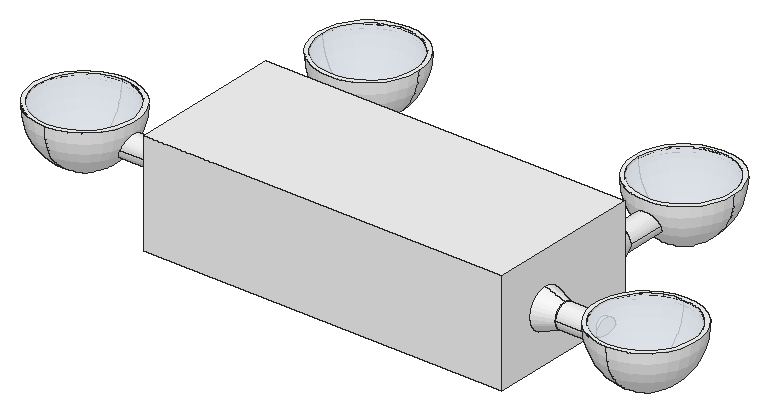
Revit family "LM", category Lighting Fixtures, host Face, Revit 2021
Family settings
  Host = Face
  Round Connector Dimension = Use Diameter
  Part Type = Normal
  OmniClass Number = 23.80.70.11.21
  OmniClass Title = Emergency Lighting
  Cut with Voids When Loaded = No
  Light Source = No
  Shared = No
  Room Calculation Point = No
Parameters (values of type "LM 1")
  zz Angle 1 [instance] = if(Rotation Angle < 45.00°, 45.00°, if(Rotation Angle > 135.00°, 135.00°, Rotation Angle))  # 90.00°
  Wattage Comments = "130W"
  Watt = 130 W
  Voltage = 120 V
  URL = "https://www.currentlighting.com/dual-lite"
  Product Page URL = ""
  Product Documentation Link = ""
  Power factor = 1
  Model = "LM"  # constant formula
  Manufacturer = "Dual-Lite Lighting"  # constant formula
  Load Classification = Lighting
  Lens = Glass
  Lamp = "LED Lamp"  # constant formula
  Housing = LM Housing : LM Housing1
  Height = 5.750"
  LAMP Height = 4.000"
  Finish = White
  Width = 13.500"
  Description = "Emergency Light, Steel Housing"  # constant formula
  Depth = 3.875"
  Default Elevation = 48.000"
  Assembly Code = ""
  Apparent Load = 2.7 VA  # constant formula
  Rotation Angle [instance] = 90.00°
  277 Voltage = not([120 Voltage])  # no
  120 Voltage = yes
Types (2): name | Housing | LAMP Height
  LM 1 | LM Housing : LM Housing1 | 4.000"
  LM 2 | LM Housing : LM Housing 2 | 2.000"
Reference planes (in)
  plane 1 "Center (Front/Back)": y = 0
  plane 2: z = 0
  plane 3 "Center (Left/Right)": x = 0
  plane 4: y = 5.75
  plane 5: y = -5.75
  plane 6: z = 3.875
  plane 7: x = 2
  plane 8: x = -5.9375
  plane 9: z = 1.9375
  plane 10: x = -6.75
  plane 11: x = 6.75
  plane 12: x = 5.9375
  plane 13: x = -7.875
  plane 14: x = 7.875
  plane 15: y = -3.75
  plane 16: y = -7.75
Dimensions and locks (in)
  locked: plane 4 to plane 1 "Center (Front/Back)" at 5.75
  plane 6 to plane 2 = 3.875"
  equal spacing: plane 6, plane 9, level
  equal spacing: plane 10, plane 3 "Center (Left/Right)", plane 11
  "Height": plane 5 to plane 1 "Center (Front/Back)"
  "Depth": plane 6 to host face
  "LAMP Height": plane 15 to plane 16
  "zz Angle 1": angle nested 1 to plane 8
  "zz Angle 1": angle nested 2 to plane 9
  aligned and locked: plane 2 to host face
  aligned and locked: level to host face
  aligned and locked: plane 9 to nested 1
  aligned and locked: plane 8 to nested 1
  aligned and locked: plane 9 to nested 2
  aligned and locked: plane 3 "Center (Left/Right)" to nested 5
  aligned and locked: nested 5 to plane 1 "Center (Front/Back)"
  aligned and locked: plane 15 to nested 4
  aligned and locked: nested 3 to plane 15
  aligned and locked: plane 9 to nested 3
  aligned and locked: plane 9 to nested 4
Automatic sketch dimensions
  host sketch curve to host sketch curve = 96.000"  (x2)
Nested families (in)
  nested 1: "LM Retrofit" at (-5.9375, 0, 1.9375) x (1, 0, 0) z (0, 1, 0), type "LM Retrofit"
    with zz Length 1 1.000", Single Face no, Double Face yes
  nested 2: "LM Retrofit" at (5.9375, 0, 1.9375) x (1, 0, 0) z (0, 1, 0), type "LM Retrofit"
    with zz Length 1 1.000", Single Face no, Double Face yes
  nested 3: "LM Retrofit" at (6.75, -3.75, 1.9375) x (0, -1, 0) z (1, 0, 0), type "LM Retrofit"
    with zz Length 1 1.000", Single Face no, Double Face yes
  nested 4: "LM Retrofit" at (-6.75, -3.75, 1.9375) x (0, 1, 0) z (-1, 0, 0), type "LM Retrofit"
    with zz Length 1 1.000", Single Face no, Double Face yes
  nested 5: "LM Housing" at (0, -2.875, 0), type <- "Housing", type "LM Housing1"
    with zz Length 1 1.000", Single Face no, Double Face yes, Width 13.500", Height 5.750", Depth 3.875"
Connectors (in)
  electrical at (0, -2.875, 0), driven by "Voltage", driven by "Apparent Load"
    settings: on nested 5, index 1, voltage 120 V, apparent load 2.7 VA, apparent load phase1 0 VA, apparent load phase2 0 VA, apparent load phase3 0 VA, power factor 1, load classification "Other", number of poles 1, system type 30, power factor state 1, is connector primary yes, connector utility no, sub classification motor no, connector description "Lighting Connector"
Definition of nested family "LM Retrofit"
  Parameters
    zz Length 1 [instance] = if(Single Face, 0.850", 1.000")  # 1.000"
    Watts = 1.88 W
    Wattage Comments = "1.78 - 1.88 W"
    Wattage = 130 W
    built-in parameter 1150110 = 1 (stored number, unit not read)
    Voltage = 120 V
    URL = ""
    built-in parameter 1114217 = 1 (stored number, unit not read)
    Tilt Angle = 60.00°
    built-in parameter 1150109 = 1 (stored number, unit not read)
    built-in parameter 1150134 = 3
    built-in parameter 1150113 = 1 (stored number, unit not read)
    Single Face [instance] = no
    Product Page URL = ""
    Product Documentation Link = ""
    Photometric Web File = "lm-0607.ies"
    Model = ""
    Manufacturer Phone = "864-678-1000"
    Manufacturer Fax = "866-898-0131"
    Manufacturer = ""
    built-in parameter 1150105 = 1536.7 (stored number, unit not read)
    Lumens = 19310.5 lm
    built-in parameter 1150115 = 1 (stored number, unit not read)
    Load Classification = none
    built-in parameter 1150137 = (empty or 0)
    built-in parameter 1150139 = (empty or 0)
    Lens = none
    built-in parameter 1150112 = 1 (stored number, unit not read)
    built-in parameter 1150114 = 1 (stored number, unit not read)
    Lamp = "LED Lamp"  # constant formula
    Is 277VAC = not(Is 120VAC)  # no
    Is 120VAC = yes
    built-in parameter 1150132 = (empty or 0)
    built-in parameter 1150102 = (empty or 0)
    built-in parameter 1150107 = 3200 (stored number, unit not read)
    built-in parameter 1150138 = (empty or 0)
    built-in parameter 1150106 = 15.367 (stored number, unit not read)
    Finish = none
    Emit from Circle Diameter = 3.000"
    Emit Shape Visible in Rendering = no
    built-in parameter 1150104 = 13.8 (stored number, unit not read)
    Double Face [instance] = not(Single Face)  # yes
    Dimming Lamp Color Temperature Shift = (empty or 0)
    Description = ""
    Default Elevation = 48.000"
    Color Filter = 16777215
    built-in parameter 1114218 = 1 (stored number, unit not read)
    built-in parameter 1150133 = 10 (stored number, unit not read)
    Apparent Load = Watts  # 1.88 VA
  Reference planes (in)
    plane 1 "Center (Front/Back)": y = 0
    plane 2: z = 0
    plane 3 "Center (Left/Right)": x = 0
    plane 4: z = 5.75
    plane 5: y = 1.3
    plane 6: y = -1.3
    plane 7: x = -2.145
    plane 8: x = 2.145
    plane 9: z = 1.88723
  Forms (in)
    Extrusion 1, solid
      sketch origin (0, 0, 0) x (1, 0, 0) y (0, 1, 0)
        loop
          line (-48, 48) -> (-48, -48) -> (48, -48) -> (48, 48) -> (-48, 48)
      from 0 to -4.36577
    Revolve 2, solid, material <- "Finish"
      sketch origin (0, 0, 0) x (0, 1, 0) y (0, 0, 1)
        loop
          line (0, 0) -> (0.73706, 0) -> (0.44916, 0.75) -> (0, 0.75) -> (0, 0)
        axis (0, 0.75) -> (0, 0)
      angle from 0 to 360
    Extrusion 3, solid, material <- "Finish"
      sketch origin (0, 0, 0) x (1, 0, 0) y (0, 1, 0)
        loop
          circle (0, 0) r 0.44916
      from 0.75 to 2.29964
    Sweep 4, solid, material <- "Finish"
      path origin (0, 0, 0) x (1, 0, 0) y (0, 0, 1)
        loop
          circle (0, 3.81234) r 1.85987
      profile origin (0, 0, 5.67221) x (0, 0, -1) y (0, -1, 0)
        loop
          line (0.11929, 0.85058) -> (-0.03073, 0.85058)
          arc (-0.03073, 0.85058) -> (0.40851, -0.50153) -> (1.58477, -1.3) r 2.19259
          line (1.58477, -1.3) -> (1.72309, -1.3) -> (1.72309, -1.1441) -> (1.58477, -1.1441)
          arc (1.58477, -1.1441) -> (0.51549, -0.39401) -> (0.11929, 0.85058) r 2.04259
    Extrusion 5, solid, material <- "Lens"
      sketch origin (0, 0, 0) x (1, 0, 0) y (0, 0, 1)
        loop
          circle (0, 3.81234) r 1.74058
      from 0.68024 to 0.79946
    Extrusion 6, solid, material <- "Finish"
      sketch origin (-10.77133, 1.3, 48) x (-1, 0, 0) y (0, 0, 1)
        loop
          circle (-10.77133, -44.18766) r 0.2751
      from 0 to -0.09376
  Cuts and joins
    joined: Sweep 4, Extrusion 6
  Lines and regions (in)
    reference lines
      curve 1: arc (0, 1.2456, 0.25774) -> (0, 0.76184, 0.48384) -> (0, 0.625, 1) r 0.63057
      curve 2: arc (0, -0.625, 1) -> (0, 0.30921, 1.08362) -> (0, -0.13539, 0.25774) r 0.53261
      curve 3: line (0, 0, 0) -> (0, 4.25, 0)
  Dimensions and locks (in)
    equal spacing: plane 5, plane 1 "Center (Front/Back)", plane 6
    plane 5 to plane 1 "Center (Front/Back)" = 1.300"
    equal spacing: plane 7, plane 3 "Center (Left/Right)", plane 8
    plane 7 to plane 3 "Center (Left/Right)" = 2.145"
    plane 4 to level = 5.750"
    aligned and locked: plane 2 to Extrusion 1
    aligned and locked: level to Extrusion 1
    aligned and locked: Extrusion 6 sketch curve to Sweep 4
    aligned and locked: Extrusion 5 sketch curve to cut or joined group of Sweep 4, Extrusion 6  (x2)
  Automatic sketch dimensions
    Extrusion 1 sketch curve to Extrusion 1 sketch curve = 96.000"  (x2)
    plane 6 to curve 2 = 1.16461"
    plane 1 "Center (Front/Back)" to curve 2 = 0.625"
    curve 1 to plane 1 "Center (Front/Back)" = 0.625"
    curve 1 to plane 5 = 0.0544"
    level to curve 1 = 0.25774"
    level to curve 2 = 0.25774"
    level to curve 2 = 1.000"
    level to curve 1 = 1.000"
    curve 3 to plane 3 "Center (Left/Right)" = 0.000"
    plane 1 "Center (Front/Back)" to curve 3 = 0.000"
    plane 5 to curve 3 = 2.950"
    Revolve 2 sketch curve to level = 0.000"
    Revolve 2 sketch curve to plane 1 "Center (Front/Back)" = 0.000"  (x2)
    Revolve 2 sketch curve to Revolve 2 sketch curve = 0.44916"
    Revolve 2 sketch curve to plane 5 = 0.56294"
    Revolve 2 sketch curve to level = 2.08222"
    Revolve 2 sketch curve to Revolve 2 sketch curve = 0.750"
    plane 9 to Revolve 2 sketch curve = 0.03054"
    plane 1 "Center (Front/Back)" to Extrusion 3 sketch curve = 0.000"
    Extrusion 3 sketch curve to plane 3 "Center (Left/Right)" = 0.000"
    Sweep 4 sketch curve to plane 3 "Center (Left/Right)" = 0.000"
    plane 9 to Sweep 4 sketch curve = 1.92511"
    Sweep 4 sketch curve to Sweep 4 sketch curve = 0.000"  (x3)
    profile plane to Sweep 4 sketch curve = 0.03073"
    Sweep 4 sketch curve to plane 1 "Center (Front/Back)" = 1.300"
    Sweep 4 sketch curve to profile plane = 0.11929"
    Sweep 4 sketch curve to profile plane = 1.58477"
    Sweep 4 sketch curve to Sweep 4 sketch curve = 0.13833"
    plane 1 "Center (Front/Back)" to Sweep 4 sketch curve = 0.81536"
    Sweep 4 sketch curve to Sweep 4 sketch curve = 0.43848"
    radius of Extrusion 3 sketch curve = 0.44916"
    radius of Sweep 4 sketch curve = 1.85987"
Definition of nested family "LM Housing"
  Parameters
    zz Length 1 [instance] = if(Single Face, 0.850", 1.000")  # 1.000"
    Width = 15.750"
    Watts = 1.88 W
    Wattage Comments = "1.78 - 1.88 W"
    Voltage = 120 V
    URL = ""
    Single Face [instance] = no
    Product Page URL = ""
    Product Documentation Link = ""
    Model = ""
    Manufacturer Phone = "864-678-1000"
    Manufacturer Fax = "866-898-0131"
    Manufacturer = ""
    Load Classification = none
    Lens = none
    Lamp = "LED Lamp"  # constant formula
    Is 277VAC = not(Is 120VAC)  # no
    Is 120VAC = yes
    Height = 7.750"
    Finish = none
    Double Face [instance] = not(Single Face)  # yes
    Description = ""
    Depth = 4.750"
    Default Elevation = 48.000"
    Apparent Load = Watts  # 1.88 VA
  Reference planes (in)
    plane 1 "Center (Front/Back)": y = 0
    plane 2: z = 0
    plane 3 "Center (Left/Right)": x = 0
    plane 4: z = 4.75
    plane 5: y = 3.875
    plane 6: y = -3.875
    plane 7: x = -7.875
    plane 8: x = 7.875
    plane 9: z = 1.88723
  Forms (in)
    Extrusion 1, solid
      sketch origin (0, 0, 0) x (1, 0, 0) y (0, 1, 0)
        loop
          line (-48, 48) -> (-48, -48) -> (48, -48) -> (48, 48) -> (-48, 48)
      from 0 to -4.36577
    Extrusion 2, solid, material <- "Finish"
      sketch origin (0, 0, 0) x (1, 0, 0) y (0, 1, 0)
        loop
          line (-7.875, 3.875) -> (-7.875, -3.875) -> (7.875, -3.875) -> (7.875, 3.875) -> (-7.875, 3.875)
      from 0 to 4.75
  Lines and regions (in)
    reference lines
      curve 1: arc (0, 3.8206, 0.25774) -> (0, 2.18027, 0.44574) -> (0, 0.625, 1) r 7.25006
      curve 2: arc (0, -0.625, 1) -> (0, -1.60361, 0.44884) -> (0, -2.71039, 0.25774) r 3.3006
      curve 3: line (0, 0, 0) -> (0, 6.825, 0)
  Dimensions and locks (in)
    equal spacing: plane 7, plane 3 "Center (Left/Right)", plane 8
    plane 4 to level = 4.750"
    "Width": plane 7 to plane 8
    "Depth": plane 4 to Extrusion 1
    "Height": plane 5 to plane 6
    equal spacing: plane 5, plane 1 "Center (Front/Back)", plane 6
    aligned and locked: plane 2 to Extrusion 1
    aligned and locked: level to Extrusion 1
    aligned and locked: Extrusion 2 sketch curve to plane 5
    aligned and locked: plane 7 to Extrusion 2 sketch curve
    aligned and locked: plane 6 to Extrusion 2 sketch curve
    aligned and locked: Extrusion 2 sketch curve to plane 8
    aligned and locked: plane 4 to Extrusion 2
  Automatic sketch dimensions
    Extrusion 1 sketch curve to Extrusion 1 sketch curve = 96.000"  (x2)
    plane 6 to curve 2 = 1.16461"
    plane 1 "Center (Front/Back)" to curve 2 = 0.625"
    curve 1 to plane 1 "Center (Front/Back)" = 0.625"
    curve 1 to plane 5 = 0.0544"
    level to curve 1 = 0.25774"
    level to curve 2 = 0.25774"
    level to curve 2 = 1.000"
    level to curve 1 = 1.000"
    curve 3 to plane 3 "Center (Left/Right)" = 0.000"
    plane 1 "Center (Front/Back)" to curve 3 = 0.000"
    plane 5 to curve 3 = 2.950"
